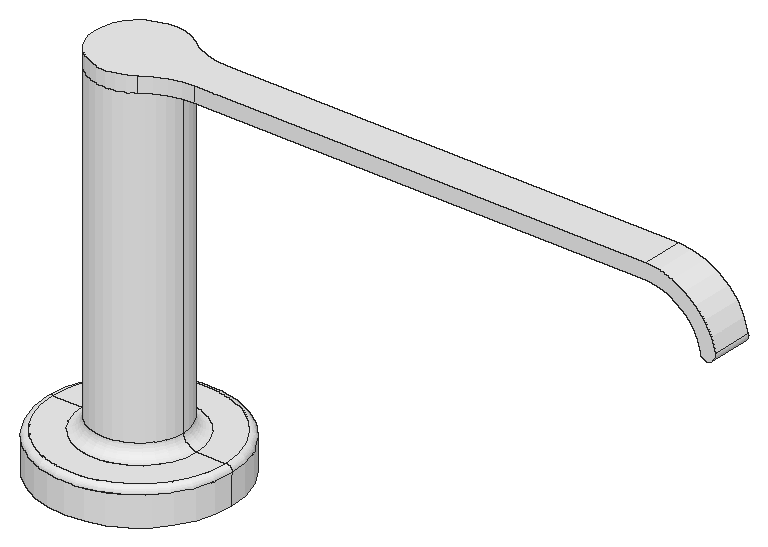
Revit family "Toilet_Tissue_Holder-American_Standard-Studio_S-7105.230", category Specialty Equipment, host Face, Revit 2018
Family settings
  Host = Face
  Round Connector Dimension = Use Diameter
  Part Type = Normal
  OmniClass Number = 23.40.20.21.21
  OmniClass Title = Toilet Paper Dispensers
  Cut with Voids When Loaded = No
  Shared = Yes
  Room Calculation Point = No
Parameters (values of type "7105.230.002")
  Width = 4 1/16"  # constant formula
  Warranty Information = "One Year General Product Warranty"  # constant formula
  URL = "https://www.americanstandard-us.com/"
  Type Comments = ""
  Specification = "Toilet Paper Holder shall feature metal construction. Shall feature concealed mounting with no exposed set screws. Toilet Paper Holder shall be American Standard Model 7105.230."  # constant formula
  Revised Date = "05/03/2021"  # constant formula
  Product Page URL = "https://www.americanstandard-us.com/bathroom/bathroom-accessories/studio-s-toilet-paper-holder-32014?variant=polished-chrome"
  Product Documentation Link = "https://www.americanstandard-us.com/-/media/sites/asus/files/product-specs/bathroom-accessories/2017/specsheet-7105230.pdf?la=en"
  Price = "Prices may vary. Please consult Manufacturer Representative for most up-to-date price list."  # constant formula
  Model = "7105.230.002"
  Material = "Metal-American_Standard-002-Polished_Chrome"
  Manufacturer = "American Standard"  # constant formula
  Length = 6 3/8"  # constant formula
  Installation Type = "Wall Mounted"  # constant formula
  Height = 2"  # constant formula
  Finish = Metal-American_Standard-002-Polished_Chrome
  Description = "Studio S Toilet Paper Holder"  # constant formula
  Default Elevation = 20"  # constant formula
  Creation Date = "01/04/2018"  # constant formula
  Assembly Code = "C1030220"
Types (4): name | Model | Material | Finish
  (no name) | "7105.230.002" | "Metal-American_Standard-002-Polished_Chrome" | Metal-American_Standard-002-Polished_Chrome
  7105.230.002 | "7105.230.002" | "Metal-American_Standard-002-Polished_Chrome" | Metal-American_Standard-002-Polished_Chrome
  7105.230.243 | "7105.230.243" | "Metal-American_Standard-243-Matte_Black" | Metal-American_Standard-243-Matte_Black
  7105.230.295 | "7105.230.295" | "Metal-American_Standard-295-Brushed_Nickel" | Metal-American_Standard-295-Brushed_Nickel
Reference planes (in)
  plane 1 "Center (Front/Back)": y = 0
  plane 2: z = 0
  plane 3 "Center (Left/Right)": x = 0
  plane 4: x = 6.375
  plane 5: x = 1
  plane 6: x = -1
  plane 7: y = 1
  plane 8: y = -1
  plane 9: z = 4.0625
Forms (in)
  Revolve 1, solid, material "Metal-American_Standard-002-Polished_Chrome" <- "Finish"
    sketch origin (0, 0, 0) x (1, 0, 0) y (0, 0, 1)
      loop
        line (-1, 0) -> (0, 0) -> (0, 3.89484) -> (-0.47754, 3.89484) -> (-0.47754, 0.52249)
        arc (-0.47754, 0.52249) -> (-0.51807, 0.42464) -> (-0.61592, 0.38411) r 0.13838
        line (-0.61592, 0.38411) -> (-0.93225, 0.38411)
        arc (-0.93225, 0.38411) -> (-0.98016, 0.36427) -> (-1, 0.31636) r 0.06775
        line (-1, 0.31636) -> (-1, 0)
      axis (0, 3.89484) -> (0, 0)
    angle from 0 to 360
  Extrusion 2, solid, material "Metal-American_Standard-002-Polished_Chrome" <- "Finish"
    sketch origin (0, 0, 0) x (1, 0, 0) y (0, 1, 0)
      loop
        arc (0.2888, -0.38031) -> (0.51425, -0.26089) -> (0.76601, -0.21965) r 0.78906
        line (0.76601, -0.21965) -> (1.1582, -0.21965) -> (1.1582, 0.21965) -> (0.76613, 0.21965)
        arc (0.76613, 0.21965) -> (0.51429, 0.2609) -> (0.28877, 0.38034) r 0.78942
        arc (0.28877, 0.38034) -> (-0.47754, -0.00002) -> (0.2888, -0.38031) r 0.47754
    from 3.89484 to 4.0625
  Sweep 3, solid, material "Metal-American_Standard-002-Polished_Chrome" <- "Finish"
    path origin (0, 0, 0) x (1, 0, 0) y (0, 0, 1)
      loop
        line (1.1582, 4.0625) -> (5.625, 4.0625)
        arc (5.625, 4.0625) -> (6.21713, 3.78194) -> (6.375, 3.14601) r 0.76512
    profile origin (3.3916, 0, 4.0625) x (0, 0, 1) y (0, -1, 0)
      loop
        line (0, -0.21965) -> (0, 0.21965) -> (-0.16766, 0.21965) -> (-0.16766, -0.21965) -> (0, -0.21965)
  Extrusion 4, void
    sketch origin (-0.00146, 0, 0.00732) x (1, 0, 0) y (0, 0, 1)
      loop
        line (6.418, 3.0933) -> (6.418, 3.44216) -> (6.37631, 3.44216)
        arc (6.37631, 3.44216) -> (6.33647, 3.35023) -> (6.23644, 3.35589) r 0.08756
        arc (6.23644, 3.35589) -> (6.22256, 3.37166) -> (6.21528, 3.39136) r 0.0575
        arc (6.21528, 3.39136) -> (6.21032, 3.41684) -> (6.20426, 3.44208) r 0.59746
        line (6.20426, 3.44208) -> (6.13082, 3.44208) -> (6.13082, 3.0933) -> (6.418, 3.0933)
    from -0.21965 to 0.21965
Cuts and joins
  Extrusion 4 cuts Sweep 3
  joined: Revolve 1, Extrusion 2, Sweep 3
Lines and regions (in)
  Masking region 1
    outline origin (0, 0, 0) x (1, 0, 0) y (0, 0, 1)
      loop
        arc (6.21381, 3.39869) -> (6.2211, 3.37898) -> (6.23497, 3.36321) r 0.0575
        arc (6.23497, 3.36321) -> (6.33501, 3.35756) -> (6.37485, 3.44949) r 0.08756
        arc (6.37485, 3.44949) -> (6.10927, 3.88974) -> (5.625, 4.0625) r 0.76512
        line (5.625, 4.0625) -> (-0.47754, 4.0625) -> (-0.47823, 0.52037)
        arc (-0.47823, 0.52037) -> (-0.51805, 0.42424) -> (-0.61418, 0.38442) r 0.13595
        line (-0.61418, 0.38442) -> (-0.93377, 0.38442)
        arc (-0.93377, 0.38442) -> (-0.9806, 0.36502) -> (-1, 0.31819) r 0.06623
        line (-1, 0.31819) -> (-1, 0) -> (1, 0) -> (1, 0.31819)
        arc (1, 0.31819) -> (0.9806, 0.36502) -> (0.93377, 0.38442) r 0.06623
        line (0.93377, 0.38442) -> (0.61418, 0.38442)
        arc (0.61418, 0.38442) -> (0.51805, 0.42424) -> (0.47823, 0.52037) r 0.13595
        line (0.47823, 0.52037) -> (0.47823, 3.89484) -> (5.625, 3.89484)
        arc (5.625, 3.89484) -> (6.00999, 3.75426) -> (6.21381, 3.39869) r 0.59746
  symbolic lines, detail levels fine
    curve 1: line (0.47754, 0, 3.89484) -> (-0.47754, 0, 3.89484)
  symbolic lines, detail levels medium+fine
    curve 2: line (0.61418, 0, 0.38442) -> (-0.61418, 0, 0.38442)
Dimensions and locks (in)
  "Length": plane 4 to plane 3 "Center (Left/Right)"
  "Width": plane 2 to plane 9
  "Height": plane 8 to plane 7
  aligned and locked: plane 2 to host face
  aligned and locked: level to host face
Automatic sketch dimensions
  host sketch curve to host sketch curve = 96"  (x2)
  Revolve 1 sketch curve to level = 0"  (x2)
  Revolve 1 sketch curve to plane 6 = 0"
  Revolve 1 sketch curve to plane 3 "Center (Left/Right)" = 0"  (x2)
  plane 6 to Revolve 1 sketch curve = 0.06775"
  Revolve 1 sketch curve to Revolve 1 sketch curve = 0.31633"
  Revolve 1 sketch curve to Revolve 1 sketch curve = 0.13838"
  level to Revolve 1 sketch curve = 0.31636"
  plane 9 to Revolve 1 sketch curve = 0.16766"
  Revolve 1 sketch curve to level = 1/4"
  plane 1 "Center (Front/Back)" to Extrusion 2 sketch curve = 0"
  Extrusion 2 sketch curve to plane 3 "Center (Left/Right)" = 0"
  Extrusion 2 sketch curve to plane 5 = 0.23399"
  Extrusion 2 sketch curve to plane 5 = 0.23387"
  plane 5 to Extrusion 2 sketch curve = 0.1582"
  plane 1 "Center (Front/Back)" to Extrusion 2 sketch curve = 0.21965"
  plane 8 to Extrusion 2 sketch curve = 0.00872"
  Extrusion 2 sketch curve to plane 1 "Center (Front/Back)" = 0.21965"
  Extrusion 2 sketch curve to plane 7 = 0.00907"
  Extrusion 2 sketch curve to Extrusion 2 sketch curve = 0"
  Sweep 3 sketch curve to plane 9 = 0"
  Sweep 3 sketch curve to plane 4 = 0"
  Sweep 3 sketch curve to plane 4 = 3/4"
  Sweep 3 sketch curve to Sweep 3 sketch curve = 0.76512"
  plane 5 to Sweep 3 sketch curve = 0.1582"
  profile plane to Sweep 3 sketch curve = 0"
  Sweep 3 sketch curve to Sweep 3 sketch curve = 0.16766"
  Sweep 3 sketch curve to plane 1 "Center (Front/Back)" = 0.21965"
  plane 1 "Center (Front/Back)" to Sweep 3 sketch curve = 0.21965"
  Extrusion 4 sketch curve to plane 4 = 3/4"
  Extrusion 4 sketch curve to plane 4 = 0.24564"
  Extrusion 4 sketch curve to Extrusion 4 sketch curve = 0.07344"
  Extrusion 4 sketch curve to Extrusion 4 sketch curve = 0.06768"
  Extrusion 4 sketch curve to Extrusion 4 sketch curve = 0.01856"
  Extrusion 4 sketch curve to plane 4 = 0.00015"
  plane 4 to Extrusion 4 sketch curve = 0.04153"
  plane 9 to Extrusion 4 sketch curve = 0.96187"
  Extrusion 4 sketch curve to Extrusion 4 sketch curve = 0.19675"
  Extrusion 4 sketch curve to Extrusion 4 sketch curve = 0.30781"
  Extrusion 4 sketch curve to Extrusion 4 sketch curve = 0.02365"
  Extrusion 4 sketch curve to Extrusion 4 sketch curve = 0.04097"
  Extrusion 4 sketch curve to Extrusion 4 sketch curve = 0.01741"
  Extrusion 4 sketch curve to Extrusion 4 sketch curve = 0"
  Masking region 1 sketch curve to Masking region 1 sketch curve = 0"  (x4)
  Masking region 1 sketch curve to plane 6 = 0"
  Masking region 1 sketch curve to plane 9 = 0"
  Masking region 1 sketch curve to plane 5 = 0"
  Masking region 1 sketch curve to level = 0"
  plane 6 to Masking region 1 sketch curve = 0.06623"
  Masking region 1 sketch curve to Masking region 1 sketch curve = 0.31959"
  plane 3 "Center (Left/Right)" to Masking region 1 sketch curve = 0.47823"
  Masking region 1 sketch curve to Masking region 1 sketch curve = 0.13595"  (x3)
  Masking region 1 sketch curve to Masking region 1 sketch curve = 0.06623"
  plane 9 to Masking region 1 sketch curve = 0.16766"
  Masking region 1 sketch curve to plane 4 = 3/4"
  Masking region 1 sketch curve to plane 4 = 0.10452"
  Masking region 1 sketch curve to Masking region 1 sketch curve = 0.01856"
  level to Masking region 1 sketch curve = 0.31819"  (x2)
  Masking region 1 sketch curve to Masking region 1 sketch curve = 0.59746"
  plane 9 to Masking region 1 sketch curve = 0.65406"
  Masking region 1 sketch curve to Masking region 1 sketch curve = 0.02365"
  Masking region 1 sketch curve to plane 3 "Center (Left/Right)" = 0.47754"
  plane 6 to curve 2 = 0.38582"
  plane 9 to curve 1 = 0.16766"
  curve 1 to plane 3 "Center (Left/Right)" = 0.47754"
  plane 3 "Center (Left/Right)" to curve 1 = 0.47754"
  curve 2 to plane 5 = 0.38582"
  level to curve 2 = 0.38442"
